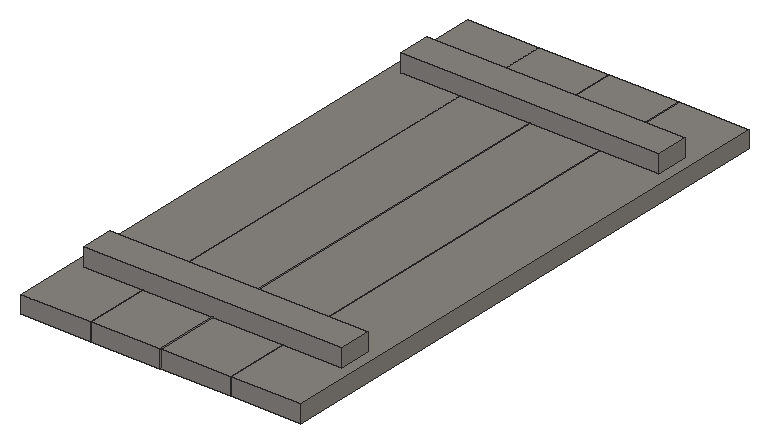
Revit family "Shutter-Wood-Fypon-Board_Batten", category Specialty Equipment, host Face, Revit 2026
Family settings
  Host = Face
  Round Connector Dimension = Use Diameter
  Part Type = Normal
  Classification Number = 23.30.60.11.14
  Enable Cutting in Views = No
  Cut with Voids When Loaded = No
  Maintain Annotation Orientation = No
  Shared = No
  Room Calculation Point = No
Parameters (values of type "default load type catalog")
  Z Batten = no
  Width = 2' - 0"
  URL = "http://www.fypon.com/default.asp"
  Type Comments = "default load type catalog"
  Specification = "http://www.fypon.com/csi-specification.aspx"
  Product Page URL = "http://www.fypon.com/products/shutters.asp"
  Product Name = "Board and Batten Shutter"  # constant formula
  Product Documentation Link = "http://www.fypon.com/docs/17_TimberStoneCatalog.pdf"
  Model = "default loat type catalog"
  Manufacturer = "Fypon"  # constant formula
  Height = 4' - 0"
  Finish = Wood-Fypon-Rough_Sawn
  End Batten Offset = if(End Batten, 0' 0", 0' 5 77/128")  # 0' - 5 77/128"
  End Batten = no
  Description = "Rough Sawn Cedar Shutters"  # constant formula
  Default Elevation = 4' - 0"
  Board Width = if([2 Board], Width / 2, if([3 Board], Width / 3, Width / 4))  # 0' - 6"
  Board Depth = 0' - 1 1/2"  # constant formula
  Assembly Code = "B20"
  4 Board = or(Width = 2' 0", Width > 2' 0")  # yes
  3rd Board = or([3 Board], [4 Board])  # yes
  3 Board = or(Width = 1' 2", and(Width < 2' 0", Width > 1' 2"))  # no
  3 Batten = no
  2 Board = Width < 1' 2"  # no
  2 Batten = not(or([3 Batten], End Batten))  # yes
Reference planes (in)
  plane 1 "Center (Front/Back)": y = 0
  plane 2: z = 0
  plane 3 "Center (Left/Right)": x = 0
  plane 4 "Left": x = -12
  plane 5 "Right": x = 12
  plane 6 "Top": y = 24
  plane 7 "Bottom": y = -24
  plane 8: z = 1.5
  plane 9 "Front": z = 3
  plane 10 "Board 1": x = -6
  plane 11 "Board 2": x = 0
  plane 12 "Board 3": x = 6
  plane 13 "Board 4": x = 12
  plane 14 "Top Batten": y = 18.39844
  plane 15 "Bottom Batten": y = -18.39844
Forms (in)
  Extrusion 1, solid, material "Wood-Fypon-Rough_Sawn" <- "Finish", detail levels fine
    sketch origin (0, 0, 0) x (1, 0, 0) y (0, 1, 0)
      loop
        line (-12, -24) -> (-6, -24) -> (-6, 24) -> (-12, 24) -> (-12, -24)
    from 0 to 1.5
  Extrusion 2, solid, material "Wood-Fypon-Rough_Sawn" <- "Finish", detail levels fine
    sketch origin (0, 0, 0) x (1, 0, 0) y (0, 1, 0)
      loop
        line (-6, -24) -> (0, -24) -> (0, 24) -> (-6, 24) -> (-6, -24)
    from 0 to 1.5
  Extrusion 3, solid, material "Wood-Fypon-Rough_Sawn" <- "Finish", visible <- "3rd Board", detail levels fine
    sketch origin (0, 0, 0) x (1, 0, 0) y (0, 1, 0)
      loop
        line (0, -24) -> (6, -24) -> (6, 24) -> (0, 24) -> (0, -24)
    from 0 to 1.5
  Extrusion 4, solid, material "Wood-Fypon-Rough_Sawn" <- "Finish", visible <- "4 Board", detail levels fine
    sketch origin (0, 0, 0) x (1, 0, 0) y (0, 1, 0)
      loop
        line (6, -24) -> (12, -24) -> (12, 24) -> (6, 24) -> (6, -24)
    from 0 to 1.5
  Extrusion 5, solid, material "Wood-Fypon-Rough_Sawn" <- "Finish", detail levels medium+fine
    sketch origin (0, 0, 0) x (1, 0, 0) y (0, 1, 0)
      loop
        line (-11.04, 15.59844) -> (11.04, 15.59844) -> (11.04, 18.39844) -> (-11.04, 18.39844) -> (-11.04, 15.59844)
      loop
        line (-11.04, -15.59844) -> (-11.04, -18.39844) -> (11.04, -18.39844) -> (11.04, -15.59844) -> (-11.04, -15.59844)
    from 1.5 to 3
  Extrusion 6, solid, material "Wood-Fypon-Rough_Sawn" <- "Finish", visible <- "3 Batten", detail levels medium+fine
    sketch origin (0, 0, 0) x (1, 0, 0) y (0, 1, 0)
      loop
        line (-11.04, 1.4) -> (-11.04, -1.4) -> (11.04, -1.4) -> (11.04, 1.4) -> (-11.04, 1.4)
    from 1.5 to 3
  Extrusion 7, solid, material "Wood-Fypon-Rough_Sawn" <- "Finish", visible <- "Z Batten", detail levels medium+fine
    sketch origin (0, 0, 0) x (1, 0, 0) y (0, 1, 0)
      loop
        line (-7.77062, -15.59844) -> (11.03497, 15.59844) -> (7.76559, 15.59844) -> (-11.04, -15.59844) -> (-7.77062, -15.59844)
    from 1.5 to 3
  Extrusion 8, solid, material "Wood-Fypon-Rough_Sawn" <- "Finish", detail levels coarse+medium
    sketch origin (0, 0, 0) x (1, 0, 0) y (0, 1, 0)
      loop
        line (-12, -24) -> (12, -24) -> (12, 24) -> (-12, 24) -> (-12, -24)
    from 0 to 1.5
Dimensions and locks (in)
  equal spacing: plane 6 "Top", plane 1 "Center (Front/Back)", plane 7 "Bottom"
  "Height": plane 6 "Top" to plane 7 "Bottom"
  equal spacing: plane 4 "Left", plane 3 "Center (Left/Right)", plane 5 "Right"
  "Width": plane 4 "Left" to plane 5 "Right"
  "Board Depth": plane 8 to level
  "Board Width": plane 4 "Left" to plane 10 "Board 1"
  "Board Width": plane 10 "Board 1" to plane 11 "Board 2"
  "Board Width": plane 11 "Board 2" to plane 12 "Board 3"
  "Board Width": plane 12 "Board 3" to plane 13 "Board 4"
  locked: plane 14 "Top Batten" to Extrusion 5 sketch curve at 2.8
  plane 4 "Left" to Extrusion 5 sketch curve to Extrusion 5 sketch curve = 0' - 0.96" locked, 0' - 0" locked
  Extrusion 5 sketch curve to Extrusion 5 sketch curve to plane 5 "Right" = 0' - 0" locked, 0' - 0.96" locked
  "End Batten Offset": plane 6 "Top" to plane 14 "Top Batten"
  "End Batten Offset": plane 15 "Bottom Batten" to plane 7 "Bottom"
  locked: Extrusion 5 sketch curve to plane 15 "Bottom Batten" at 2.8
  "Board Depth": plane 9 "Front" to plane 8
  Extrusion 6 sketch curve to plane 1 "Center (Front/Back)" to Extrusion 6 sketch curve = 0' - 1.4" locked, 0' - 1.4" locked
  locked: plane 4 "Left" to Extrusion 6 sketch curve at 0.96
  locked: Extrusion 6 sketch curve to plane 5 "Right" at 0.96
  locked: Extrusion 7 sketch curve to plane 15 "Bottom Batten" at 2.8
  locked: plane 14 "Top Batten" to Extrusion 7 sketch curve at 2.8
  locked: Extrusion 7 sketch curve to plane 5 "Right" at 0.96503
  locked: plane 4 "Left" to Extrusion 7 sketch curve at 0.96
  locked: Extrusion 7 sketch curve to Extrusion 7 sketch curve at 2.8
  aligned and locked: plane 2 to host face
  aligned and locked: level to host face
  aligned and locked: Extrusion 1 sketch curve to plane 7 "Bottom"
  aligned and locked: plane 4 "Left" to Extrusion 1 sketch curve
  aligned and locked: plane 6 "Top" to Extrusion 1 sketch curve
  aligned and locked: Extrusion 1 sketch curve to plane 10 "Board 1"
  aligned and locked: Extrusion 1 to level
  aligned and locked: plane 8 to Extrusion 1
  aligned and locked: plane 10 "Board 1" to Extrusion 2 sketch curve
  aligned and locked: plane 6 "Top" to Extrusion 2 sketch curve
  aligned and locked: Extrusion 2 sketch curve to plane 11 "Board 2"
  aligned and locked: Extrusion 2 sketch curve to plane 7 "Bottom"
  aligned and locked: Extrusion 2 to level
  aligned and locked: plane 8 to Extrusion 2
  aligned and locked: plane 11 "Board 2" to Extrusion 3 sketch curve
  aligned and locked: plane 6 "Top" to Extrusion 3 sketch curve
  aligned and locked: Extrusion 3 sketch curve to plane 12 "Board 3"
  aligned and locked: Extrusion 3 sketch curve to plane 7 "Bottom"
  aligned and locked: Extrusion 3 to level
  aligned and locked: plane 8 to Extrusion 3
  aligned and locked: plane 12 "Board 3" to Extrusion 4 sketch curve
  aligned and locked: plane 6 "Top" to Extrusion 4 sketch curve
  aligned and locked: Extrusion 4 sketch curve to plane 13 "Board 4"
  aligned and locked: Extrusion 4 sketch curve to plane 7 "Bottom"
  aligned and locked: Extrusion 4 to level
  aligned and locked: plane 8 to Extrusion 4
  aligned and locked: plane 14 "Top Batten" to Extrusion 5 sketch curve
  aligned and locked: Extrusion 5 to plane 8
  aligned and locked: plane 9 "Front" to Extrusion 5
  aligned and locked: plane 15 "Bottom Batten" to Extrusion 5 sketch curve
  aligned and locked: Extrusion 6 to plane 8
  aligned and locked: plane 9 "Front" to Extrusion 6
  aligned and locked: Extrusion 7 to plane 8
  aligned and locked: plane 9 "Front" to Extrusion 7
  aligned and locked: plane 4 "Left" to Extrusion 8 sketch curve
  aligned and locked: Extrusion 8 sketch curve to plane 5 "Right"
  aligned and locked: plane 6 "Top" to Extrusion 8 sketch curve
  aligned and locked: Extrusion 8 sketch curve to plane 7 "Bottom"
  aligned and locked: Extrusion 8 to level
  aligned and locked: plane 8 to Extrusion 8
Automatic sketch dimensions
  host sketch curve to host sketch curve = 8' - 0"  (x2)
